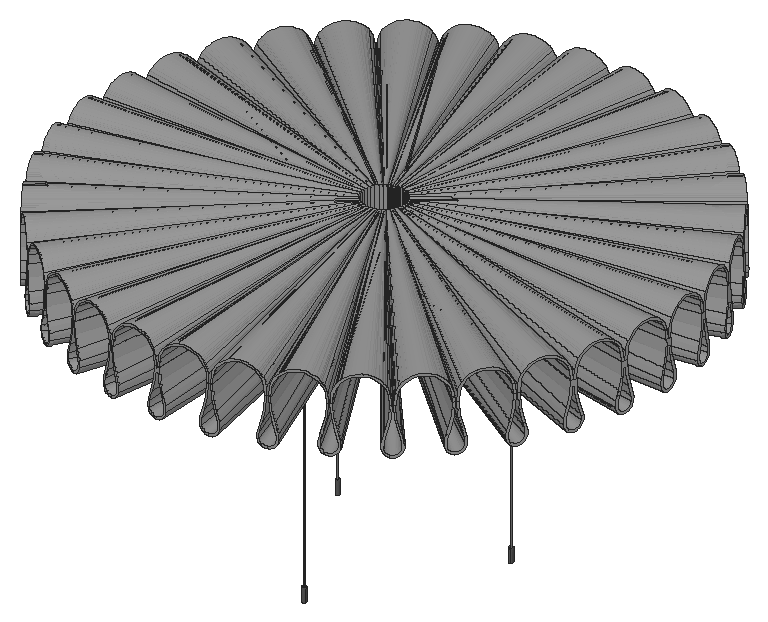
Revit family "Haworth_BuzziPleat_Ripple_EU_PRELIMINARY", category Furniture, host Face, Revit 2018
Family settings
  Host = Face
  Cut with Voids When Loaded = No
  Shared = No
  Room Calculation Point = No
Parameters (values of type "Large")
  Warranty = "https://www.haworth.com/resources/product-info/warranties"
  URL - Product = "https://www.haworth.com/eu/en/products/lighting-lamps/buzzipleat-led.html"
  URL = "https://www.haworth.com/eu/en.html"
  Trim Finish = Haworth _ Paint _ Collection Black
  Note = "Verify Final Dim. w/ Haworth"  # constant formula
  Model = "Buzzi Pleat"  # constant formula
  Min. Cable Length = 25.4 cm  # constant formula
  Medium = not(Large)  # no
  Max. Cable Length = 499.999 cm  # constant formula
  Manufacturer = "Haworth"  # constant formula
  Large = yes
  Fabric Finish [instance] = Haworth _ Fabric _ Undecided _ Screen
  Description = "Haworth - BuzziPleat - Ripple"  # constant formula
  Default Elevation = 0 cm
  Cable Length [instance] = 60.96 cm
  Cable Finish [instance] = Haworth _ Metal _ Polished Aluminum
  Author = "Haworth (Abd Rahman)"  # constant formula
  Assembly Code = "E2020200"
  Actual Width = Actual Depth  # 150.0124 cm
  Actual Height = if(Large, 19.5072 cm, 13.2334 cm)  # 19.5072 cm
  Actual Depth = if(Large, 150.0124 cm, 99.9998 cm)  # 150.0124 cm
  Actual Cable Length [instance] = if(Cable Length < Min. Cable Length, Min. Cable Length, if(Cable Length > Max. Cable Length, Max. Cable Length, Cable Length))  # 60.96 cm
Types (3, lengths in cm): name | Medium | Large | Actual Width | Actual Height | Actual Depth
  (no name) | no | yes | 150.0124 | 19.5072 | 150.0124
  Large | no | yes | 150.0124 | 19.5072 | 150.0124
  Medium | yes | no | 99.9998 | 13.2334 | 99.9998
Reference planes (cm)
  plane 1 "Center (Front/Back)": y = 0
  plane 2: z = 0
  plane 3 "Center (Left/Right)": x = 0
  plane 4 "Cable Start": z = 3.48
  plane 5: z = 64.567
  plane 6 "Screen Bottom": z = 64.44
  plane 7 "Back": y = 75.0062
  plane 8 "Front": y = -75.0062
  plane 9 "Left": x = 75.0062
  plane 10 "Right": x = -75.0062
Forms (cm)
  Extrusion 1, solid, material "Haworth _ Paint _ Collection Black" <- "Trim Finish", visible <- "Medium"
    sketch origin (0, 0, 0) x (1, 0, 0) y (0, 1, 0)
      loop
        circle (0, -18.6341) r 0.5
    from 0 to 3.48
  Extrusion 2, solid, material "Haworth _ Metal _ Polished Aluminum" <- "Cable Finish", visible <- "Medium"
    sketch origin (0, 0, 0) x (1, 0, 0) y (0, 1, 0)
      loop
        circle (0, -18.6334) r 0.0896
    from 3.48 to 64.567
  Extrusion 3, solid, material "Haworth _ Paint _ Collection Black" <- "Trim Finish", visible <- "Medium"
    sketch origin (-0.012, -0.0207, 0) x (-0.5, 0.866025, 0) y (-0.866025, -0.5, 0)
      loop
        circle (0, -18.6341) r 0.5
    from 0 to 3.48
  Extrusion 4, solid, material "Haworth _ Metal _ Polished Aluminum" <- "Cable Finish", visible <- "Medium"
    sketch origin (-0.012, -0.0207, 0) x (-0.5, 0.866025, 0) y (-0.866025, -0.5, 0)
      loop
        circle (0, -18.6334) r 0.0896
    from 3.48 to 64.567
  Extrusion 5, solid, material "Haworth _ Paint _ Collection Black" <- "Trim Finish", visible <- "Medium"
    sketch origin (0.012, -0.0207, 0) x (-0.5, -0.866025, 0) y (0.866025, -0.5, 0)
      loop
        circle (0, -18.6341) r 0.5
    from 0 to 3.48
  Extrusion 6, solid, material "Haworth _ Metal _ Polished Aluminum" <- "Cable Finish", visible <- "Medium"
    sketch origin (0.012, -0.0207, 0) x (-0.5, -0.866025, 0) y (0.866025, -0.5, 0)
      loop
        circle (0, -18.6334) r 0.0896
    from 3.48 to 64.567
  Extrusion 7, solid, material "Haworth _ Paint _ Collection Black" <- "Trim Finish", visible <- "Large"
    sketch origin (0, 0, 0) x (1, 0, 0) y (0, 1, 0)
      loop
        circle (0, -26.4309) r 0.5
    from 0 to 3.48
  Extrusion 8, solid, material "Haworth _ Metal _ Polished Aluminum" <- "Cable Finish", visible <- "Large"
    sketch origin (0, 0, 0) x (1, 0, 0) y (0, 1, 0)
      loop
        circle (0, -26.4399) r 0.1016
    from 3.48 to 64.567
  Extrusion 9, solid, material "Haworth _ Paint _ Collection Black" <- "Trim Finish", visible <- "Large"
    sketch origin (-0.012, -0.0207, 0) x (-0.5, 0.866025, 0) y (-0.866025, -0.5, 0)
      loop
        circle (0, -26.4309) r 0.5
    from 0 to 3.48
  Extrusion 10, solid, material "Haworth _ Metal _ Polished Aluminum" <- "Cable Finish", visible <- "Large"
    sketch origin (-0.012, -0.0207, 0) x (-0.5, 0.866025, 0) y (-0.866025, -0.5, 0)
      loop
        circle (0, -26.4399) r 0.1016
    from 3.48 to 64.567
  Extrusion 11, solid, material "Haworth _ Paint _ Collection Black" <- "Trim Finish", visible <- "Large"
    sketch origin (0.0239, 0, 0) x (-0.5, -0.866025, 0) y (0.866025, -0.5, 0)
      loop
        circle (0, -26.4309) r 0.5
    from 0 to 3.48
  Extrusion 12, solid, material "Haworth _ Metal _ Polished Aluminum" <- "Cable Finish", visible <- "Large"
    sketch origin (0.0239, 0, 0) x (-0.5, -0.866025, 0) y (0.866025, -0.5, 0)
      loop
        circle (0, -26.4399) r 0.1016
    from 3.48 to 64.567
Dimensions and locks (cm)
  locked: Extrusion 1 sketch curve to plane 1 "Center (Front/Back)" at 18.6341
  locked: plane 4 "Cable Start" to plane 2 at 3.48
  locked: plane 5 to plane 6 "Screen Bottom" at 0.127
  "Actual Cable Length": plane 6 "Screen Bottom" to plane 4 "Cable Start"
  locked: Extrusion 2 sketch curve to plane 1 "Center (Front/Back)" at 18.6334
  locked: Extrusion 5 sketch curve to plane 3 "Center (Left/Right)" at 16.1256
  locked: plane 1 "Center (Front/Back)" to Extrusion 5 sketch curve at 9.2963
  locked: Extrusion 6 sketch curve to plane 3 "Center (Left/Right)" at 16.1251
  locked: plane 1 "Center (Front/Back)" to Extrusion 6 sketch curve at 9.296
  locked: plane 3 "Center (Left/Right)" to Extrusion 3 sketch curve at 16.1256
  locked: plane 1 "Center (Front/Back)" to Extrusion 3 sketch curve at 9.2963
  locked: plane 3 "Center (Left/Right)" to Extrusion 4 sketch curve at 16.1251
  locked: plane 1 "Center (Front/Back)" to Extrusion 4 sketch curve at 9.296
  equal spacing: plane 10 "Right", plane 3 "Center (Left/Right)", plane 9 "Left"
  "Actual Width": plane 10 "Right" to plane 9 "Left"
  equal spacing: plane 7 "Back", plane 1 "Center (Front/Back)", plane 8 "Front"
  "Actual Depth": plane 7 "Back" to plane 8 "Front"
  locked: Extrusion 7 sketch curve to plane 1 "Center (Front/Back)" at 26.4309
  locked: Extrusion 8 sketch curve to plane 1 "Center (Front/Back)" at 26.4399
  locked: plane 3 "Center (Left/Right)" to Extrusion 9 sketch curve at 22.8779
  locked: plane 1 "Center (Front/Back)" to Extrusion 9 sketch curve at 13.1947
  locked: Extrusion 11 sketch curve to plane 3 "Center (Left/Right)" at 22.8659
  locked: plane 1 "Center (Front/Back)" to Extrusion 11 sketch curve at 13.2154
  aligned and locked: plane 2 to host face
  aligned and locked: level to host face
  aligned and locked: plane 1 "Center (Front/Back)" to nested 1
  aligned and locked: plane 3 "Center (Left/Right)" to nested 1
  aligned and locked: Extrusion 1 to plane 2
  aligned and locked: plane 4 "Cable Start" to Extrusion 1
  aligned and locked: nested 1 to plane 6 "Screen Bottom"
  aligned and locked: Extrusion 2 to plane 4 "Cable Start"
  aligned and locked: plane 5 to Extrusion 2
  aligned and locked: Extrusion 5 to plane 2
  aligned and locked: plane 4 "Cable Start" to Extrusion 5
  aligned and locked: Extrusion 6 to plane 4 "Cable Start"
  aligned and locked: Extrusion 1 to plane 4 "Cable Start"  (x2)
  aligned and locked: plane 4 "Cable Start" to Extrusion 2
  aligned and locked: plane 2 to Extrusion 1
  aligned and locked: plane 4 "Cable Start" to Extrusion 3
  aligned and locked: Extrusion 4 to plane 4 "Cable Start"
  aligned and locked: Extrusion 3 to plane 2
  aligned and locked: plane 5 to Extrusion 4
  aligned and locked: plane 5 to Extrusion 6
  aligned and locked: plane 3 "Center (Left/Right)" to Extrusion 7 sketch curve
  aligned and locked: Extrusion 7 to plane 2
  aligned and locked: plane 4 "Cable Start" to Extrusion 7
  aligned and locked: plane 3 "Center (Left/Right)" to Extrusion 8 sketch curve
  aligned and locked: Extrusion 8 to plane 4 "Cable Start"
  aligned and locked: plane 5 to Extrusion 8
  aligned and locked: plane 4 "Cable Start" to Extrusion 9
  aligned and locked: Extrusion 10 to plane 4 "Cable Start"
  aligned and locked: Extrusion 9 to plane 2
  aligned and locked: plane 5 to Extrusion 10
  aligned and locked: plane 5 to Extrusion 12
  aligned and locked: plane 4 "Cable Start" to Extrusion 11
  aligned and locked: Extrusion 12 to plane 4 "Cable Start"
  aligned and locked: Extrusion 11 to plane 2
  aligned and locked: nested 2 to plane 6 "Screen Bottom"
  aligned and locked: plane 3 "Center (Left/Right)" to nested 2
  aligned and locked: plane 1 "Center (Front/Back)" to nested 2
Automatic sketch dimensions
  host sketch curve to host sketch curve = 150.0124 cm  (x2)
  Extrusion 1 sketch curve to plane 3 "Center (Left/Right)" = 0 cm
  Extrusion 2 sketch curve to plane 3 "Center (Left/Right)" = 0 cm
  Extrusion 10 sketch curve to plane 1 "Center (Front/Back)" = 13.1992 cm
  plane 3 "Center (Left/Right)" to Extrusion 10 sketch curve = 22.8856 cm
  Extrusion 12 sketch curve to plane 1 "Center (Front/Back)" = 13.2199 cm
  Extrusion 12 sketch curve to plane 3 "Center (Left/Right)" = 22.8737 cm
  radius of Extrusion 1 sketch curve = 0.5 cm
  radius of Extrusion 2 sketch curve = 0.0896 cm
  radius of Extrusion 3 sketch curve = 0.5 cm
  radius of Extrusion 4 sketch curve = 0.0896 cm
  radius of Extrusion 5 sketch curve = 0.5 cm
  radius of Extrusion 6 sketch curve = 0.0896 cm
  radius of Extrusion 7 sketch curve = 0.5 cm
  radius of Extrusion 8 sketch curve = 0.1016 cm
  radius of Extrusion 9 sketch curve = 0.5 cm
  radius of Extrusion 10 sketch curve = 0.1016 cm
  radius of Extrusion 11 sketch curve = 0.5 cm
  radius of Extrusion 12 sketch curve = 0.1016 cm
Nested families (cm)
  nested 1: "Haworth_BuzziPleat_Ripple_Medium_PART" at (0, 0, 64.44), visible <- "Medium", type "Screen"
  nested 2: "Haworth_BuzziPleat_Ripple_Large_PART" at (0, 0, 64.44), visible <- "Large", type "Screen"
Definition of nested family "Haworth_BuzziPleat_Ripple_Medium_PART"
  Parameters (values of type "Screen")
    Warranty = "https://www.haworth.com/resources/product-info/warranties"
    URL - Product = "https://www.haworth.com/products/architectural-interiors/acoustic-solutions/buzzipleat"
    URL = "https://www.haworth.com/our-brands/haworth-collection"
    Trim Finish = none
    Revision = "1"  # constant formula
    Note = "Verify Final Dim. w/ Haworth"  # constant formula
    Model = "HCBZ-PESS"  # constant formula
    Manufacturer = "Haworth"  # constant formula
    Fabric Finish = none
    Description = "Haworth - BuzziPleat - Medium Ripple Part"  # constant formula
    Author = "Haworth (Alias)"  # constant formula
    Assembly Code = "E2020200"
    Actual Width = 99.9998 cm  # constant formula
    Actual Height = 13.2334 cm  # constant formula
    Actual Depth = 99.9998 cm  # constant formula
  Reference planes (cm)
    plane 1 "Center (Front/Back)": y = 0
    plane 2: z = 0
    plane 3 "Center (Left/Right)": x = 0
    plane 4: z = 13.2334
    plane 5 "Side Blend": through (-5.3081, -79.5428, 120) normal (-0.0872, 0.9962, 0)
    plane 6 "Back": y = 49.9999
    plane 7 "Front": y = -49.9999
    plane 8 "Right": x = 49.9999
    plane 9 "Left": x = -49.9999
  Forms (cm)
    Revolve 1, solid, material <- "Trim Finish"
      sketch origin (0, 0, 0) x (0, 1, 0) y (0, 0, 1)
        loop
          circle (-8.5, 0.3811) r 0.5
        loop
          circle (-18.4997, 0.3735) r 0.5
        axis (0, 0.3735) -> (0, 0.4735)
      angle from 0 to 360
  Lines and regions (cm)
    Masking region 1
      outline origin (0, 0, 0) x (1, 0, 0) y (0, 1, 0)
        loop
          circle (0, 0) r 49.9999
    symbolic lines, detail levels medium+fine
      curve 1: circle (0, 0, 0) r 5.2451 normal (0, 0, 1)
  Dimensions and locks (cm)
    equal spacing: plane 7 "Front", plane 1 "Center (Front/Back)", plane 6 "Back"
    "Actual Depth": plane 6 "Back" to plane 7 "Front"
    equal spacing: plane 9 "Left", plane 3 "Center (Left/Right)", plane 8 "Right"
    "Actual Width": plane 9 "Left" to plane 8 "Right"
    "Actual Height": plane 4 to plane 2
    aligned and locked: level to plane 2
    aligned and locked: Revolve 1 sketch curve to plane 1 "Center (Front/Back)"
    aligned and locked: plane 1 "Center (Front/Back)" to Masking region 1 sketch curve
    aligned and locked: plane 3 "Center (Left/Right)" to Masking region 1 sketch curve
    aligned and locked: plane 1 "Center (Front/Back)" to nested 2
    aligned and locked: plane 1 "Center (Front/Back)" to nested 1
    aligned and locked: plane 3 "Center (Left/Right)" to nested 1
    aligned and locked: plane 3 "Center (Left/Right)" to nested 2
  Automatic sketch dimensions
    plane 1 "Center (Front/Back)" to curve 1 = 0 cm
    curve 1 to plane 3 "Center (Left/Right)" = 0 cm
    level to Revolve 1 sketch curve = 0.3735 cm
    level to Revolve 1 sketch curve = 0.3811 cm
    Revolve 1 sketch curve to level = 10.16 cm
    plane 4 to Revolve 1 sketch curve = 2.7178 cm
    plane 1 "Center (Front/Back)" to Revolve 1 sketch curve = 8.5 cm
    Revolve 1 sketch curve to Revolve 1 sketch curve = 9.9997 cm
    radius of Masking region 1 sketch curve = 49.9999 cm
    radius of curve 1 = 5.2451 cm
    radius of Revolve 1 sketch curve = 0.5 cm  (x2)
  Nested families (cm)
    nested 1: "Haworth_BuzziPleat_Ripple_MediumTop_PART" at (0, 0, 0), type "Screen"
    nested 2: "Haworth_BuzziPleat_Ripple_MediumBottom_PART" at (0, 0, 0), type "Screen"
    nested 3: "Haworth_BuzziPleat_Ripple_MediumTop_PART" at (-0.0027, -0.0002, 0) x (0.9848, 0.1736, 0) z (0, 0, 1), type "Screen"
    nested 4: "Haworth_BuzziPleat_Ripple_MediumTop_PART" at (-0.0053, -0.0009, 0) x (0.9397, 0.342, 0) z (0, 0, 1), type "Screen"
    nested 5: "Haworth_BuzziPleat_Ripple_MediumTop_PART" at (-0.0078, -0.0021, 0) x (0.866, 0.5, 0) z (0, 0, 1), type "Screen"
    nested 6: "Haworth_BuzziPleat_Ripple_MediumTop_PART" at (-0.0101, -0.0037, 0) x (0.766, 0.6428, 0) z (0, 0, 1), type "Screen"
    nested 7: "Haworth_BuzziPleat_Ripple_MediumTop_PART" at (-0.012, -0.0056, 0) x (0.6428, 0.766, 0) z (0, 0, 1), type "Screen"
    nested 8: "Haworth_BuzziPleat_Ripple_MediumTop_PART" at (-0.0135, -0.0078, 0) x (0.5, 0.866, 0) z (0, 0, 1), type "Screen"
    nested 9: "Haworth_BuzziPleat_Ripple_MediumTop_PART" at (-0.0147, -0.0103, 0) x (0.342, 0.9397, 0) z (0, 0, 1), type "Screen"
    nested 10: "Haworth_BuzziPleat_Ripple_MediumTop_PART" at (-0.0154, -0.0129, 0) x (0.1736, 0.9848, 0) z (0, 0, 1), type "Screen"
    nested 11: "Haworth_BuzziPleat_Ripple_MediumTop_PART" at (-0.0156, -0.0156, 0) x (0, 1, 0) z (0, 0, 1), type "Screen"
    nested 12: "Haworth_BuzziPleat_Ripple_MediumTop_PART" at (-0.0154, -0.0184, 0) x (-0.1736, 0.9848, 0) z (0, 0, 1), type "Screen"
    nested 13: "Haworth_BuzziPleat_Ripple_MediumTop_PART" at (-0.0147, -0.021, 0) x (-0.342, 0.9397, 0) z (0, 0, 1), type "Screen"
    nested 14: "Haworth_BuzziPleat_Ripple_MediumTop_PART" at (-0.0135, -0.0235, 0) x (-0.5, 0.866, 0) z (0, 0, 1), type "Screen"
    nested 15: "Haworth_BuzziPleat_Ripple_MediumTop_PART" at (-0.012, -0.0257, 0) x (-0.6428, 0.766, 0) z (0, 0, 1), type "Screen"
    nested 16: "Haworth_BuzziPleat_Ripple_MediumTop_PART" at (-0.0101, -0.0276, 0) x (-0.766, 0.6428, 0) z (0, 0, 1), type "Screen"
    nested 17: "Haworth_BuzziPleat_Ripple_MediumTop_PART" at (-0.0078, -0.0292, 0) x (-0.866, 0.5, 0) z (0, 0, 1), type "Screen"
    nested 18: "Haworth_BuzziPleat_Ripple_MediumTop_PART" at (-0.0053, -0.0303, 0) x (-0.9397, 0.342, 0) z (0, 0, 1), type "Screen"
    nested 19: "Haworth_BuzziPleat_Ripple_MediumTop_PART" at (-0.0027, -0.031, 0) x (-0.9848, 0.1736, 0) z (0, 0, 1), type "Screen"
    nested 20: "Haworth_BuzziPleat_Ripple_MediumTop_PART" at (0, -0.0313, 0) x (-1, 0, 0) z (0, 0, 1), type "Screen"
    nested 21: "Haworth_BuzziPleat_Ripple_MediumTop_PART" at (0.0027, -0.031, 0) x (-0.9848, -0.1736, 0) z (0, 0, 1), type "Screen"
    nested 22: "Haworth_BuzziPleat_Ripple_MediumTop_PART" at (0.0053, -0.0303, 0) x (-0.9397, -0.342, 0) z (0, 0, 1), type "Screen"
    nested 23: "Haworth_BuzziPleat_Ripple_MediumTop_PART" at (0.0078, -0.0292, 0) x (-0.866, -0.5, 0) z (0, 0, 1), type "Screen"
    nested 24: "Haworth_BuzziPleat_Ripple_MediumTop_PART" at (0.0101, -0.0276, 0) x (-0.766, -0.6428, 0) z (0, 0, 1), type "Screen"
    nested 25: "Haworth_BuzziPleat_Ripple_MediumTop_PART" at (0.012, -0.0257, 0) x (-0.6428, -0.766, 0) z (0, 0, 1), type "Screen"
    nested 26: "Haworth_BuzziPleat_Ripple_MediumTop_PART" at (0.0135, -0.0235, 0) x (-0.5, -0.866, 0) z (0, 0, 1), type "Screen"
    nested 27: "Haworth_BuzziPleat_Ripple_MediumTop_PART" at (0.0147, -0.021, 0) x (-0.342, -0.9397, 0) z (0, 0, 1), type "Screen"
    nested 28: "Haworth_BuzziPleat_Ripple_MediumTop_PART" at (0.0154, -0.0184, 0) x (-0.1736, -0.9848, 0) z (0, 0, 1), type "Screen"
    nested 29: "Haworth_BuzziPleat_Ripple_MediumTop_PART" at (0.0156, -0.0156, 0) x (0, -1, 0) z (0, 0, 1), type "Screen"
    nested 30: "Haworth_BuzziPleat_Ripple_MediumTop_PART" at (0.0154, -0.0129, 0) x (0.1736, -0.9848, 0) z (0, 0, 1), type "Screen"
    nested 31: "Haworth_BuzziPleat_Ripple_MediumTop_PART" at (0.0147, -0.0103, 0) x (0.342, -0.9397, 0) z (0, 0, 1), type "Screen"
    nested 32: "Haworth_BuzziPleat_Ripple_MediumTop_PART" at (0.0135, -0.0078, 0) x (0.5, -0.866, 0) z (0, 0, 1), type "Screen"
    nested 33: "Haworth_BuzziPleat_Ripple_MediumTop_PART" at (0.012, -0.0056, 0) x (0.6428, -0.766, 0) z (0, 0, 1), type "Screen"
    nested 34: "Haworth_BuzziPleat_Ripple_MediumTop_PART" at (0.0101, -0.0037, 0) x (0.766, -0.6428, 0) z (0, 0, 1), type "Screen"
    nested 35: "Haworth_BuzziPleat_Ripple_MediumTop_PART" at (0.0078, -0.0021, 0) x (0.866, -0.5, 0) z (0, 0, 1), type "Screen"
    nested 36: "Haworth_BuzziPleat_Ripple_MediumTop_PART" at (0.0053, -0.0009, 0) x (0.9397, -0.342, 0) z (0, 0, 1), type "Screen"
    nested 37: "Haworth_BuzziPleat_Ripple_MediumTop_PART" at (0.0027, -0.0002, 0) x (0.9848, -0.1736, 0) z (0, 0, 1), type "Screen"
    nested 38: "Haworth_BuzziPleat_Ripple_MediumBottom_PART" at (0, 0, 0) x (0.9848, 0.1736, 0) z (0, 0, 1), type "Screen"
    nested 39: "Haworth_BuzziPleat_Ripple_MediumBottom_PART" at (0, 0, 0) x (0.9397, 0.342, 0) z (0, 0, 1), type "Screen"
    nested 40: "Haworth_BuzziPleat_Ripple_MediumBottom_PART" at (0, 0, 0) x (0.866, 0.5, 0) z (0, 0, 1), type "Screen"
    nested 41: "Haworth_BuzziPleat_Ripple_MediumBottom_PART" at (0, 0, 0) x (0.766, 0.6428, 0) z (0, 0, 1), type "Screen"
    nested 42: "Haworth_BuzziPleat_Ripple_MediumBottom_PART" at (0, 0, 0) x (0.6428, 0.766, 0) z (0, 0, 1), type "Screen"
    nested 43: "Haworth_BuzziPleat_Ripple_MediumBottom_PART" at (0, 0, 0) x (0.5, 0.866, 0) z (0, 0, 1), type "Screen"
    nested 44: "Haworth_BuzziPleat_Ripple_MediumBottom_PART" at (0, 0, 0) x (0.342, 0.9397, 0) z (0, 0, 1), type "Screen"
    nested 45: "Haworth_BuzziPleat_Ripple_MediumBottom_PART" at (0, 0, 0) x (0.1736, 0.9848, 0) z (0, 0, 1), type "Screen"
    nested 46: "Haworth_BuzziPleat_Ripple_MediumBottom_PART" at (0, 0, 0) x (0, 1, 0) z (0, 0, 1), type "Screen"
    nested 47: "Haworth_BuzziPleat_Ripple_MediumBottom_PART" at (0, 0, 0) x (-0.1736, 0.9848, 0) z (0, 0, 1), type "Screen"
    nested 48: "Haworth_BuzziPleat_Ripple_MediumBottom_PART" at (0, 0, 0) x (-0.342, 0.9397, 0) z (0, 0, 1), type "Screen"
    nested 49: "Haworth_BuzziPleat_Ripple_MediumBottom_PART" at (0, 0, 0) x (-0.5, 0.866, 0) z (0, 0, 1), type "Screen"
    nested 50: "Haworth_BuzziPleat_Ripple_MediumBottom_PART" at (0, 0, 0) x (-0.6428, 0.766, 0) z (0, 0, 1), type "Screen"
    nested 51: "Haworth_BuzziPleat_Ripple_MediumBottom_PART" at (0, 0, 0) x (-0.766, 0.6428, 0) z (0, 0, 1), type "Screen"
    nested 52: "Haworth_BuzziPleat_Ripple_MediumBottom_PART" at (0, 0, 0) x (-0.866, 0.5, 0) z (0, 0, 1), type "Screen"
    nested 53: "Haworth_BuzziPleat_Ripple_MediumBottom_PART" at (0, 0, 0) x (-0.9397, 0.342, 0) z (0, 0, 1), type "Screen"
    nested 54: "Haworth_BuzziPleat_Ripple_MediumBottom_PART" at (0, 0, 0) x (-0.9848, 0.1736, 0) z (0, 0, 1), type "Screen"
    nested 55: "Haworth_BuzziPleat_Ripple_MediumBottom_PART" at (0, 0, 0) x (-1, 0, 0) z (0, 0, 1), type "Screen"
    nested 56: "Haworth_BuzziPleat_Ripple_MediumBottom_PART" at (0, 0, 0) x (-0.9848, -0.1736, 0) z (0, 0, 1), type "Screen"
    nested 57: "Haworth_BuzziPleat_Ripple_MediumBottom_PART" at (0, 0, 0) x (-0.9397, -0.342, 0) z (0, 0, 1), type "Screen"
    nested 58: "Haworth_BuzziPleat_Ripple_MediumBottom_PART" at (0, 0, 0) x (-0.866, -0.5, 0) z (0, 0, 1), type "Screen"
    nested 59: "Haworth_BuzziPleat_Ripple_MediumBottom_PART" at (0, 0, 0) x (-0.766, -0.6428, 0) z (0, 0, 1), type "Screen"
    nested 60: "Haworth_BuzziPleat_Ripple_MediumBottom_PART" at (0, 0, 0) x (-0.6428, -0.766, 0) z (0, 0, 1), type "Screen"
    nested 61: "Haworth_BuzziPleat_Ripple_MediumBottom_PART" at (0, 0, 0) x (-0.5, -0.866, 0) z (0, 0, 1), type "Screen"
    nested 62: "Haworth_BuzziPleat_Ripple_MediumBottom_PART" at (0, 0, 0) x (-0.342, -0.9397, 0) z (0, 0, 1), type "Screen"
    nested 63: "Haworth_BuzziPleat_Ripple_MediumBottom_PART" at (0, 0, 0) x (-0.1736, -0.9848, 0) z (0, 0, 1), type "Screen"
    nested 64: "Haworth_BuzziPleat_Ripple_MediumBottom_PART" at (0, 0, 0) x (0, -1, 0) z (0, 0, 1), type "Screen"
    nested 65: "Haworth_BuzziPleat_Ripple_MediumBottom_PART" at (0, 0, 0) x (0.1736, -0.9848, 0) z (0, 0, 1), type "Screen"
    nested 66: "Haworth_BuzziPleat_Ripple_MediumBottom_PART" at (0, 0, 0) x (0.342, -0.9397, 0) z (0, 0, 1), type "Screen"
    nested 67: "Haworth_BuzziPleat_Ripple_MediumBottom_PART" at (0, 0, 0) x (0.5, -0.866, 0) z (0, 0, 1), type "Screen"
    nested 68: "Haworth_BuzziPleat_Ripple_MediumBottom_PART" at (0, 0, 0) x (0.6428, -0.766, 0) z (0, 0, 1), type "Screen"
    nested 69: "Haworth_BuzziPleat_Ripple_MediumBottom_PART" at (0, 0, 0) x (0.766, -0.6428, 0) z (0, 0, 1), type "Screen"
    nested 70: "Haworth_BuzziPleat_Ripple_MediumBottom_PART" at (0, 0, 0) x (0.866, -0.5, 0) z (0, 0, 1), type "Screen"
    nested 71: "Haworth_BuzziPleat_Ripple_MediumBottom_PART" at (0, 0, 0) x (0.9397, -0.342, 0) z (0, 0, 1), type "Screen"
    nested 72: "Haworth_BuzziPleat_Ripple_MediumBottom_PART" at (0, 0, 0) x (0.9848, -0.1736, 0) z (0, 0, 1), type "Screen"
  Definition of nested family "Haworth_BuzziPleat_Ripple_MediumTop_PART"
    Parameters (values of type "Screen")
      Warranty = "https://www.haworth.com/resources/product-info/warranties"
      URL - Product = "https://www.haworth.com/products/architectural-interiors/acoustic-solutions/buzzipleat"
      URL = "https://www.haworth.com/our-brands/haworth-collection"
      Revision = "1"  # constant formula
      Note = "Verify Final Dim. w/ Haworth"  # constant formula
      Model = "HCBZ-PESS"  # constant formula
      Manufacturer = "Haworth"  # constant formula
      Fabric Finish = none
      Description = "Haworth - BuzziPleat - Medium Ripple Part1"  # constant formula
      Author = "Haworth (Alias)"  # constant formula
      Assembly Code = "E2020200"
      Actual Width = 99.9998 cm  # constant formula
      Actual Height = 13.2334 cm  # constant formula
      Actual Depth = 99.9998 cm  # constant formula
    Reference planes (cm)
      plane 1 "Center (Front/Back)": y = 0
      plane 2: z = 0
      plane 3 "Center (Left/Right)": x = 0
      plane 4 "Side Blend": through (-5.3081, -79.5428, 120) normal (-0.0872, 0.9962, 0)
      plane 5 "Back": y = 49.9999
      plane 6 "Front": y = -49.9999
      plane 7 "Right": x = 49.9999
      plane 8 "Left": x = -49.9999
      plane 9: z = 13.2334
    Forms (cm)
      Blend 1, solid, material <- "Fabric Finish"
        base sketch origin (6.8659, -78.4777, 0) x (-0.996195, -0.087156, 0) y (0, 0, 1)
          loop
            arc (3.791, 9.111) -> (3.8152, 8.3759) -> (3.8038, 7.6405) r 15.24
            line (3.8038, 7.6405) -> (4.3122, 7.6405)
            arc (4.3122, 7.6405) -> (4.3231, 8.3904) -> (4.2982, 9.1399) r 15.748
            arc (4.2982, 9.1399) -> (-0.0336, 13.2318) -> (-4.3654, 9.1399) r 4.3388
            arc (-4.3654, 9.1399) -> (-4.3902, 8.3904) -> (-4.3794, 7.6405) r 15.748
            line (-4.3794, 7.6405) -> (-3.871, 7.6405)
            arc (-3.871, 7.6405) -> (-3.8823, 8.3759) -> (-3.8582, 9.111) r 15.24
            arc (-3.8582, 9.111) -> (-0.0336, 12.7238) -> (3.791, 9.111) r 3.8308
        top sketch origin (6.8659, -78.4777, 0) x (-0.996195, -0.087156, 0) y (0, 0, 1)
          loop
            line (0.4335, 7.6416) -> (0.4335, 12.6994)
            arc (0.4335, 12.6994) -> (-0.0999, 13.2328) -> (-0.6333, 12.6994) r 0.5334
            line (-0.6333, 12.6994) -> (-0.6333, 7.6416) -> (-0.1253, 7.6416) -> (-0.1253, 12.6994)
            arc (-0.1253, 12.6994) -> (-0.0999, 12.7248) -> (-0.0745, 12.6994) r 0.0254
            line (-0.0745, 12.6994) -> (-0.0745, 7.6416) -> (0.4335, 7.6416)
        from 28.9334 to 73.5632
    Dimensions and locks (cm)
      equal spacing: plane 6 "Front", plane 1 "Center (Front/Back)", plane 5 "Back"
      "Actual Depth": plane 5 "Back" to plane 6 "Front"
      equal spacing: plane 8 "Left", plane 3 "Center (Left/Right)", plane 7 "Right"
      "Actual Width": plane 8 "Left" to plane 7 "Right"
      "Actual Height": plane 9 to plane 2
      aligned and locked: level to plane 2
    Automatic sketch dimensions
      Blend 1 sketch curve to Blend 1 sketch curve = 0.5211 cm
      Blend 1 sketch curve to Blend 1 sketch curve = 0 cm  (x16)
      Blend 1 sketch curve to Blend 1 sketch curve = 7.5533 cm
      Blend 1 sketch curve to Blend 1 sketch curve = 0.5084 cm  (x2)
      Blend 1 sketch curve to Blend 1 sketch curve = 0.5072 cm  (x2)
      Blend 1 sketch curve to Blend 1 sketch curve = 0.0289 cm
      level to Blend 1 sketch curve = 8.2438 cm
      Blend 1 sketch curve to Blend 1 sketch curve = 7.0449 cm
      Blend 1 sketch curve to Blend 1 sketch curve = 3.8374 cm  (x2)
      Blend 1 sketch curve to Blend 1 sketch curve = 5.0578 cm
      Blend 1 sketch curve to Blend 1 sketch curve = 0.0254 cm
      Blend 1 sketch curve to Blend 1 sketch curve = 0.508 cm
      level to Blend 1 sketch curve = 12.6994 cm
  Definition of nested family "Haworth_BuzziPleat_Ripple_MediumBottom_PART"
    Parameters (values of type "Screen")
      Warranty = "https://www.haworth.com/resources/product-info/warranties"
      URL - Product = "https://www.haworth.com/products/architectural-interiors/acoustic-solutions/buzzipleat"
      URL = "https://www.haworth.com/our-brands/haworth-collection"
      Revision = "1"  # constant formula
      Note = "Verify Final Dim. w/ Haworth"  # constant formula
      Model = "HCBZ-PESS"  # constant formula
      Manufacturer = "Haworth"  # constant formula
      Fabric Finish = none
      Description = "Haworth - BuzziPleat - Medium Ripple Part1"  # constant formula
      Author = "Haworth (Alias)"  # constant formula
      Assembly Code = "E2020200"
      Actual Width = 99.9998 cm  # constant formula
      Actual Height = 13.2334 cm  # constant formula
      Actual Depth = 99.9998 cm  # constant formula
    Reference planes (cm)
      plane 1 "Center (Front/Back)": y = 0
      plane 2: z = 0
      plane 3 "Center (Left/Right)": x = 0
      plane 4 "Side Blend": through (-5.3081, -79.5428, 120) normal (-0.0872, 0.9962, 0)
      plane 5 "Back": y = 49.9999
      plane 6 "Front": y = -49.9999
      plane 7 "Right": x = 49.9999
      plane 8 "Left": x = -49.9999
      plane 9: z = 13.2334
    Forms (cm)
      Blend 1, solid, material <- "Fabric Finish"
        base sketch origin (0, 0, 0) x (1, 0, 0) y (0, 0, 1)
          loop
            line (0.1547, 6.1588) -> (0.9241, 2.1049)
            arc (0.9241, 2.1049) -> (0.9663, 1.7391) -> (0.9552, 1.3709) r 2.54
            arc (0.9552, 1.3709) -> (0, 0.5091) -> (-0.9552, 1.3709) r 0.9603
            arc (-0.9552, 1.3709) -> (-0.9663, 1.7391) -> (-0.9241, 2.1049) r 2.54
            line (-0.9241, 2.1049) -> (-0.1547, 6.1588)
            arc (-0.1547, 6.1588) -> (-0.0584, 6.8971) -> (-0.0481, 7.6416) r 6.4336
            line (-0.0481, 7.6416) -> (-0.5566, 7.6416)
            arc (-0.5566, 7.6416) -> (-0.5643, 6.9447) -> (-0.6538, 6.2535) r 5.9256
            line (-0.6538, 6.2535) -> (-1.4232, 2.1997)
            arc (-1.4232, 2.1997) -> (-1.4739, 1.7606) -> (-1.4606, 1.3188) r 3.048
            arc (-1.4606, 1.3188) -> (0, 0.0011) -> (1.4606, 1.3188) r 1.4683
            arc (1.4606, 1.3188) -> (1.4739, 1.7606) -> (1.4232, 2.1997) r 3.048
            line (1.4232, 2.1997) -> (0.6538, 6.2535)
            arc (0.6538, 6.2535) -> (0.5643, 6.9447) -> (0.5566, 7.6416) r 5.9256
            line (0.5566, 7.6416) -> (0.0481, 7.6416)
            arc (0.0481, 7.6416) -> (0.0584, 6.8971) -> (0.1547, 6.1588) r 6.4336
        top sketch origin (0, 0, 0) x (1, 0, 0) y (0, 0, 1)
          loop
            line (-0.0254, 0.5388) -> (-0.0254, 3.2683) -> (-0.0254, 5.9981) -> (-0.0254, 7.6416) -> (-0.5334, 7.6416) -> (-0.5334, 5.9981) -> (-0.5334, 3.2683) -> (-0.5334, 0.5385)
            arc (-0.5334, 0.5385) -> (0, 0.0051) -> (0.5334, 0.5385) r 0.5334
            line (0.5334, 0.5385) -> (0.5334, 3.2683) -> (0.5334, 5.9981) -> (0.5334, 7.6416) -> (0.0254, 7.6416) -> (0.0254, 5.9981) -> (0.0254, 3.2683) -> (0.0254, 0.5388)
            arc (0.0254, 0.5388) -> (0, 0.5134) -> (-0.0254, 0.5388) r 0.0254
        from 49.9999 to 5.2418
    Dimensions and locks (cm)
      equal spacing: plane 6 "Front", plane 1 "Center (Front/Back)", plane 5 "Back"
      "Actual Depth": plane 5 "Back" to plane 6 "Front"
      equal spacing: plane 8 "Left", plane 3 "Center (Left/Right)", plane 7 "Right"
      "Actual Width": plane 8 "Left" to plane 7 "Right"
      "Actual Height": plane 9 to plane 2
      aligned and locked: level to plane 2
    Automatic sketch dimensions
      Blend 1 sketch curve to Blend 1 sketch curve = 0 cm  (x20)
      Blend 1 sketch curve to plane 3 "Center (Left/Right)" = 0 cm  (x3)
      Blend 1 sketch curve to plane 3 "Center (Left/Right)" = 0.1547 cm
      Blend 1 sketch curve to Blend 1 sketch curve = 0.4991 cm  (x4)
      Blend 1 sketch curve to plane 3 "Center (Left/Right)" = 0.9241 cm
      Blend 1 sketch curve to Blend 1 sketch curve = 0.1482 cm  (x2)
      Blend 1 sketch curve to Blend 1 sketch curve = 5.8217 cm  (x2)
      plane 3 "Center (Left/Right)" to Blend 1 sketch curve = 0.0481 cm
      plane 3 "Center (Left/Right)" to Blend 1 sketch curve = 0.1547 cm
      Blend 1 sketch curve to Blend 1 sketch curve = 0.5085 cm
      plane 3 "Center (Left/Right)" to Blend 1 sketch curve = 0.9241 cm
      level to Blend 1 sketch curve = 1.4694 cm
      Blend 1 sketch curve to Blend 1 sketch curve = 0.162 cm  (x2)
      Blend 1 sketch curve to Blend 1 sketch curve = 0.4736 cm  (x2)
      Blend 1 sketch curve to Blend 1 sketch curve = 0.0947 cm  (x4)
      Blend 1 sketch curve to Blend 1 sketch curve = 4.0539 cm
      Blend 1 sketch curve to Blend 1 sketch curve = 1.1049 cm
      Blend 1 sketch curve to plane 3 "Center (Left/Right)" = 0.0481 cm
      Blend 1 sketch curve to plane 3 "Center (Left/Right)" = 0.0254 cm
      level to Blend 1 sketch curve = 0.5385 cm
      Blend 1 sketch curve to Blend 1 sketch curve = 0.0003 cm
      Blend 1 sketch curve to Blend 1 sketch curve = 2.7298 cm  (x2)
      Blend 1 sketch curve to Blend 1 sketch curve = 0.508 cm
      Blend 1 sketch curve to Blend 1 sketch curve = 1.6435 cm
Definition of nested family "Haworth_BuzziPleat_Ripple_Large_PART"
  Parameters (values of type "Screen")
    Warranty = "https://www.haworth.com/resources/product-info/warranties"
    URL - Product = "https://www.haworth.com/products/architectural-interiors/acoustic-solutions/buzzipleat"
    URL = "https://www.haworth.com/our-brands/haworth-collection"
    Trim Finish = none
    Revision = "1"  # constant formula
    Note = "Verify Final Dim. w/ Haworth"  # constant formula
    Model = "HCBZ-PESS"  # constant formula
    Manufacturer = "Haworth"  # constant formula
    Fabric Finish = none
    Description = "Haworth - BuzziPleat - Large Ripple Part"  # constant formula
    Author = "Haworth (Alias)"  # constant formula
    Assembly Code = "E2020200"
    Actual Width = 150.0124 cm  # constant formula
    Actual Height = 19.5072 cm  # constant formula
    Actual Depth = 150.0124 cm  # constant formula
  Reference planes (cm)
    plane 1 "Center (Front/Back)": y = 0
    plane 2: z = 0
    plane 3 "Center (Left/Right)": x = 0
    plane 4 "Front": y = -75.0062
    plane 5 "Back": y = 75.0062
    plane 6 "Left": x = 75.0062
    plane 7 "Right": x = -75.0062
    plane 8: z = 19.5072
  Forms (cm)
    Revolve 1, solid, material <- "Trim Finish"
      sketch origin (0, 0, 0) x (0, 1, 0) y (0, 0, 1)
        loop
          circle (-26.0974, 0.5) r 0.5
        loop
          circle (-8.3709, 0.5) r 0.5
        axis (0, 0.5) -> (0, 0.6)
      angle from 0 to 360
    Extrusion 2, solid, material <- "Trim Finish"
      sketch origin (0, 0, 0) x (1, 0, 0) y (0, 0, 1)
        loop
          circle (0, 0.5) r 0.4699
      from 8.4708 to 26.1259
    Extrusion 3, solid, material <- "Trim Finish"
      sketch origin (0, 0, 0) x (-0.5, 0.866025, 0) y (0, 0, 1)
        loop
          circle (0, 0.5) r 0.4699
      from 8.4708 to 26.1259
    Extrusion 4, solid, material <- "Trim Finish"
      sketch origin (0, 0, 0) x (-0.5, -0.866025, 0) y (0, 0, 1)
        loop
          circle (0, 0.5) r 0.4699
      from 8.4708 to 26.1259
  Lines and regions (cm)
    Masking region 1
      outline origin (0, 0, 0) x (1, 0, 0) y (0, 1, 0)
        loop
          circle (0, 0) r 74.93
    symbolic lines, detail levels medium+fine
      curve 1: circle (0, 0, 0) r 5.2451 normal (0, 0, 1)
  Dimensions and locks (cm)
    equal spacing: plane 5 "Back", plane 1 "Center (Front/Back)", plane 4 "Front"
    "Actual Depth": plane 5 "Back" to plane 4 "Front"
    equal spacing: plane 7 "Right", plane 3 "Center (Left/Right)", plane 6 "Left"
    "Actual Width": plane 7 "Right" to plane 6 "Left"
    "Actual Height": plane 8 to plane 2
    aligned and locked: level to plane 2
    aligned and locked: Revolve 1 sketch curve to plane 1 "Center (Front/Back)"
    aligned and locked: plane 1 "Center (Front/Back)" to Masking region 1 sketch curve
    aligned and locked: plane 3 "Center (Left/Right)" to Masking region 1 sketch curve
    aligned and locked: plane 3 "Center (Left/Right)" to nested 1
    aligned and locked: plane 1 "Center (Front/Back)" to nested 1
    aligned and locked: plane 1 "Center (Front/Back)" to nested 2
    aligned and locked: plane 3 "Center (Left/Right)" to nested 2
  Automatic sketch dimensions
    level to Revolve 1 sketch curve = 0.5 cm  (x2)
    plane 1 "Center (Front/Back)" to Revolve 1 sketch curve = 8.3709 cm
    Revolve 1 sketch curve to Revolve 1 sketch curve = 17.7265 cm
    Revolve 1 sketch curve to level = 10.16 cm
    plane 8 to Revolve 1 sketch curve = 2.7178 cm
    plane 1 "Center (Front/Back)" to curve 1 = 0 cm
    curve 1 to plane 3 "Center (Left/Right)" = 0 cm
    radius of Revolve 1 sketch curve = 0.5 cm  (x2)
    radius of Extrusion 2 sketch curve = 0.4699 cm
    radius of Extrusion 3 sketch curve = 0.4699 cm
    radius of Extrusion 4 sketch curve = 0.4699 cm
    radius of Masking region 1 sketch curve = 74.93 cm
    radius of curve 1 = 5.2451 cm
  Nested families (cm)
    nested 1: "Haworth_BuzziPleat_Ripple_LargeTop_PART" at (0, 0, 0), type "Screen"
    nested 2: "Haworth_BuzziPleat_Ripple_LargeBottom_PART" at (0, 0, 0), type "Screen"
    nested 3: "Haworth_BuzziPleat_Ripple_LargeBottom_PART" at (0, 0, 0) x (0.9848, 0.1736, 0) z (0, 0, 1), type "Screen"
    nested 4: "Haworth_BuzziPleat_Ripple_LargeBottom_PART" at (0, 0, 0) x (0.9397, 0.342, 0) z (0, 0, 1), type "Screen"
    nested 5: "Haworth_BuzziPleat_Ripple_LargeBottom_PART" at (0, 0, 0) x (0.866, 0.5, 0) z (0, 0, 1), type "Screen"
    nested 6: "Haworth_BuzziPleat_Ripple_LargeBottom_PART" at (0, 0, 0) x (0.766, 0.6428, 0) z (0, 0, 1), type "Screen"
    nested 7: "Haworth_BuzziPleat_Ripple_LargeBottom_PART" at (0, 0, 0) x (0.6428, 0.766, 0) z (0, 0, 1), type "Screen"
    nested 8: "Haworth_BuzziPleat_Ripple_LargeBottom_PART" at (0, 0, 0) x (0.5, 0.866, 0) z (0, 0, 1), type "Screen"
    nested 9: "Haworth_BuzziPleat_Ripple_LargeBottom_PART" at (0, 0, 0) x (0.342, 0.9397, 0) z (0, 0, 1), type "Screen"
    nested 10: "Haworth_BuzziPleat_Ripple_LargeBottom_PART" at (0, 0, 0) x (0.1736, 0.9848, 0) z (0, 0, 1), type "Screen"
    nested 11: "Haworth_BuzziPleat_Ripple_LargeBottom_PART" at (0, 0, 0) x (0, 1, 0) z (0, 0, 1), type "Screen"
    nested 12: "Haworth_BuzziPleat_Ripple_LargeBottom_PART" at (0, 0, 0) x (-0.1736, 0.9848, 0) z (0, 0, 1), type "Screen"
    nested 13: "Haworth_BuzziPleat_Ripple_LargeBottom_PART" at (0, 0, 0) x (-0.342, 0.9397, 0) z (0, 0, 1), type "Screen"
    nested 14: "Haworth_BuzziPleat_Ripple_LargeBottom_PART" at (0, 0, 0) x (-0.5, 0.866, 0) z (0, 0, 1), type "Screen"
    nested 15: "Haworth_BuzziPleat_Ripple_LargeBottom_PART" at (0, 0, 0) x (-0.6428, 0.766, 0) z (0, 0, 1), type "Screen"
    nested 16: "Haworth_BuzziPleat_Ripple_LargeBottom_PART" at (0, 0, 0) x (-0.766, 0.6428, 0) z (0, 0, 1), type "Screen"
    nested 17: "Haworth_BuzziPleat_Ripple_LargeBottom_PART" at (0, 0, 0) x (-0.866, 0.5, 0) z (0, 0, 1), type "Screen"
    nested 18: "Haworth_BuzziPleat_Ripple_LargeBottom_PART" at (0, 0, 0) x (-0.9397, 0.342, 0) z (0, 0, 1), type "Screen"
    nested 19: "Haworth_BuzziPleat_Ripple_LargeBottom_PART" at (0, 0, 0) x (-0.9848, 0.1736, 0) z (0, 0, 1), type "Screen"
    nested 20: "Haworth_BuzziPleat_Ripple_LargeBottom_PART" at (0, 0, 0) x (-1, 0, 0) z (0, 0, 1), type "Screen"
    nested 21: "Haworth_BuzziPleat_Ripple_LargeBottom_PART" at (0, 0, 0) x (-0.9848, -0.1736, 0) z (0, 0, 1), type "Screen"
    nested 22: "Haworth_BuzziPleat_Ripple_LargeBottom_PART" at (0, 0, 0) x (-0.9397, -0.342, 0) z (0, 0, 1), type "Screen"
    nested 23: "Haworth_BuzziPleat_Ripple_LargeBottom_PART" at (0, 0, 0) x (-0.866, -0.5, 0) z (0, 0, 1), type "Screen"
    nested 24: "Haworth_BuzziPleat_Ripple_LargeBottom_PART" at (0, 0, 0) x (-0.766, -0.6428, 0) z (0, 0, 1), type "Screen"
    nested 25: "Haworth_BuzziPleat_Ripple_LargeBottom_PART" at (0, 0, 0) x (-0.6428, -0.766, 0) z (0, 0, 1), type "Screen"
    nested 26: "Haworth_BuzziPleat_Ripple_LargeBottom_PART" at (0, 0, 0) x (-0.5, -0.866, 0) z (0, 0, 1), type "Screen"
    nested 27: "Haworth_BuzziPleat_Ripple_LargeBottom_PART" at (0, 0, 0) x (-0.342, -0.9397, 0) z (0, 0, 1), type "Screen"
    nested 28: "Haworth_BuzziPleat_Ripple_LargeBottom_PART" at (0, 0, 0) x (-0.1736, -0.9848, 0) z (0, 0, 1), type "Screen"
    nested 29: "Haworth_BuzziPleat_Ripple_LargeBottom_PART" at (0, 0, 0) x (0, -1, 0) z (0, 0, 1), type "Screen"
    nested 30: "Haworth_BuzziPleat_Ripple_LargeBottom_PART" at (0, 0, 0) x (0.1736, -0.9848, 0) z (0, 0, 1), type "Screen"
    nested 31: "Haworth_BuzziPleat_Ripple_LargeBottom_PART" at (0, 0, 0) x (0.342, -0.9397, 0) z (0, 0, 1), type "Screen"
    nested 32: "Haworth_BuzziPleat_Ripple_LargeBottom_PART" at (0, 0, 0) x (0.5, -0.866, 0) z (0, 0, 1), type "Screen"
    nested 33: "Haworth_BuzziPleat_Ripple_LargeBottom_PART" at (0, 0, 0) x (0.6428, -0.766, 0) z (0, 0, 1), type "Screen"
    nested 34: "Haworth_BuzziPleat_Ripple_LargeBottom_PART" at (0, 0, 0) x (0.766, -0.6428, 0) z (0, 0, 1), type "Screen"
    nested 35: "Haworth_BuzziPleat_Ripple_LargeBottom_PART" at (0, 0, 0) x (0.866, -0.5, 0) z (0, 0, 1), type "Screen"
    nested 36: "Haworth_BuzziPleat_Ripple_LargeBottom_PART" at (0, 0, 0) x (0.9397, -0.342, 0) z (0, 0, 1), type "Screen"
    nested 37: "Haworth_BuzziPleat_Ripple_LargeBottom_PART" at (0, 0, 0) x (0.9848, -0.1736, 0) z (0, 0, 1), type "Screen"
    nested 38: "Haworth_BuzziPleat_Ripple_LargeTop_PART" at (0, 0, 0) x (0.9848, 0.1736, 0) z (0, 0, 1), type "Screen"
    nested 39: "Haworth_BuzziPleat_Ripple_LargeTop_PART" at (0, 0, 0) x (0.9397, 0.342, 0) z (0, 0, 1), type "Screen"
    nested 40: "Haworth_BuzziPleat_Ripple_LargeTop_PART" at (0, 0, 0) x (0.866, 0.5, 0) z (0, 0, 1), type "Screen"
    nested 41: "Haworth_BuzziPleat_Ripple_LargeTop_PART" at (0, 0, 0) x (0.766, 0.6428, 0) z (0, 0, 1), type "Screen"
    nested 42: "Haworth_BuzziPleat_Ripple_LargeTop_PART" at (0, 0, 0) x (0.6428, 0.766, 0) z (0, 0, 1), type "Screen"
    nested 43: "Haworth_BuzziPleat_Ripple_LargeTop_PART" at (0, 0, 0) x (0.5, 0.866, 0) z (0, 0, 1), type "Screen"
    nested 44: "Haworth_BuzziPleat_Ripple_LargeTop_PART" at (0, 0, 0) x (0.342, 0.9397, 0) z (0, 0, 1), type "Screen"
    nested 45: "Haworth_BuzziPleat_Ripple_LargeTop_PART" at (0, 0, 0) x (0.1736, 0.9848, 0) z (0, 0, 1), type "Screen"
    nested 46: "Haworth_BuzziPleat_Ripple_LargeTop_PART" at (0, 0, 0) x (0, 1, 0) z (0, 0, 1), type "Screen"
    nested 47: "Haworth_BuzziPleat_Ripple_LargeTop_PART" at (0, 0, 0) x (-0.1736, 0.9848, 0) z (0, 0, 1), type "Screen"
    nested 48: "Haworth_BuzziPleat_Ripple_LargeTop_PART" at (0, 0, 0) x (-0.342, 0.9397, 0) z (0, 0, 1), type "Screen"
    nested 49: "Haworth_BuzziPleat_Ripple_LargeTop_PART" at (0, 0, 0) x (-0.5, 0.866, 0) z (0, 0, 1), type "Screen"
    nested 50: "Haworth_BuzziPleat_Ripple_LargeTop_PART" at (0, 0, 0) x (-0.6428, 0.766, 0) z (0, 0, 1), type "Screen"
    nested 51: "Haworth_BuzziPleat_Ripple_LargeTop_PART" at (0, 0, 0) x (-0.766, 0.6428, 0) z (0, 0, 1), type "Screen"
    nested 52: "Haworth_BuzziPleat_Ripple_LargeTop_PART" at (0, 0, 0) x (-0.866, 0.5, 0) z (0, 0, 1), type "Screen"
    nested 53: "Haworth_BuzziPleat_Ripple_LargeTop_PART" at (0, 0, 0) x (-0.9397, 0.342, 0) z (0, 0, 1), type "Screen"
    nested 54: "Haworth_BuzziPleat_Ripple_LargeTop_PART" at (0, 0, 0) x (-0.9848, 0.1736, 0) z (0, 0, 1), type "Screen"
    nested 55: "Haworth_BuzziPleat_Ripple_LargeTop_PART" at (0, 0, 0) x (-1, 0, 0) z (0, 0, 1), type "Screen"
    nested 56: "Haworth_BuzziPleat_Ripple_LargeTop_PART" at (0, 0, 0) x (-0.9848, -0.1736, 0) z (0, 0, 1), type "Screen"
    nested 57: "Haworth_BuzziPleat_Ripple_LargeTop_PART" at (0, 0, 0) x (-0.9397, -0.342, 0) z (0, 0, 1), type "Screen"
    nested 58: "Haworth_BuzziPleat_Ripple_LargeTop_PART" at (0, 0, 0) x (-0.866, -0.5, 0) z (0, 0, 1), type "Screen"
    nested 59: "Haworth_BuzziPleat_Ripple_LargeTop_PART" at (0, 0, 0) x (-0.766, -0.6428, 0) z (0, 0, 1), type "Screen"
    nested 60: "Haworth_BuzziPleat_Ripple_LargeTop_PART" at (0, 0, 0) x (-0.6428, -0.766, 0) z (0, 0, 1), type "Screen"
    nested 61: "Haworth_BuzziPleat_Ripple_LargeTop_PART" at (0, 0, 0) x (-0.5, -0.866, 0) z (0, 0, 1), type "Screen"
    nested 62: "Haworth_BuzziPleat_Ripple_LargeTop_PART" at (0, 0, 0) x (-0.342, -0.9397, 0) z (0, 0, 1), type "Screen"
    nested 63: "Haworth_BuzziPleat_Ripple_LargeTop_PART" at (0, 0, 0) x (-0.1736, -0.9848, 0) z (0, 0, 1), type "Screen"
    nested 64: "Haworth_BuzziPleat_Ripple_LargeTop_PART" at (0, 0, 0) x (0, -1, 0) z (0, 0, 1), type "Screen"
    nested 65: "Haworth_BuzziPleat_Ripple_LargeTop_PART" at (0, 0, 0) x (0.1736, -0.9848, 0) z (0, 0, 1), type "Screen"
    nested 66: "Haworth_BuzziPleat_Ripple_LargeTop_PART" at (0, 0, 0) x (0.342, -0.9397, 0) z (0, 0, 1), type "Screen"
    nested 67: "Haworth_BuzziPleat_Ripple_LargeTop_PART" at (0, 0, 0) x (0.5, -0.866, 0) z (0, 0, 1), type "Screen"
    nested 68: "Haworth_BuzziPleat_Ripple_LargeTop_PART" at (0, 0, 0) x (0.6428, -0.766, 0) z (0, 0, 1), type "Screen"
    nested 69: "Haworth_BuzziPleat_Ripple_LargeTop_PART" at (0, 0, 0) x (0.766, -0.6428, 0) z (0, 0, 1), type "Screen"
    nested 70: "Haworth_BuzziPleat_Ripple_LargeTop_PART" at (0, 0, 0) x (0.866, -0.5, 0) z (0, 0, 1), type "Screen"
    nested 71: "Haworth_BuzziPleat_Ripple_LargeTop_PART" at (0, 0, 0) x (0.9397, -0.342, 0) z (0, 0, 1), type "Screen"
    nested 72: "Haworth_BuzziPleat_Ripple_LargeTop_PART" at (0, 0, 0) x (0.9848, -0.1736, 0) z (0, 0, 1), type "Screen"
  Definition of nested family "Haworth_BuzziPleat_Ripple_LargeTop_PART"
    Parameters (values of type "Screen")
      Warranty = "https://www.haworth.com/resources/product-info/warranties"
      URL - Product = "https://www.haworth.com/products/architectural-interiors/acoustic-solutions/buzzipleat"
      URL = "https://www.haworth.com/our-brands/haworth-collection"
      Revision = "1"  # constant formula
      Note = "Verify Final Dim. w/ Haworth"  # constant formula
      Model = "HCBZ-PESS"  # constant formula
      Manufacturer = "Haworth"  # constant formula
      Fabric Finish = none
      Description = "Haworth - BuzziPleat - Large Ripple Part1"  # constant formula
      Author = "Haworth (Alias)"  # constant formula
      Assembly Code = "E2020200"
      Actual Width = 150.0124 cm  # constant formula
      Actual Height = 19.5072 cm  # constant formula
      Actual Depth = 150.0124 cm  # constant formula
    Reference planes (cm)
      plane 1 "Center (Front/Back)": y = 0
      plane 2: z = 0
      plane 3 "Center (Left/Right)": x = 0
      plane 4 "Front": y = -75.0062
      plane 5 "Back": y = 75.0062
      plane 6 "Left": x = 75.0062
      plane 7 "Right": x = -75.0062
      plane 8: z = 19.5072
      plane 9 "Side Blend": through (-5.3081, -79.5428, 120) normal (-0.0872, 0.9962, 0)
    Forms (cm)
      Blend 1, solid, material <- "Fabric Finish"
        base sketch origin (6.8659, -78.4777, 0) x (-0.996195, -0.087156, 0) y (0, 0, 1)
          loop
            arc (6.3759, 12.479) -> (6.3131, 13.5984) -> (6.1795, 14.7115) r 17.6803
            arc (6.1795, 14.7115) -> (5.872, 15.8384) -> (5.3152, 16.8653) r 5.08
            arc (5.3152, 16.8653) -> (-0.1723, 19.6164) -> (-5.4893, 16.5485) r 6.4729
            arc (-5.4893, 16.5485) -> (-5.9404, 15.6182) -> (-6.1938, 14.6159) r 5.08
            arc (-6.1938, 14.6159) -> (-6.3172, 13.5502) -> (-6.3759, 12.479) r 17.6803
            line (-6.3759, 12.479) -> (-5.8677, 12.479)
            arc (-5.8677, 12.479) -> (-5.8105, 13.5132) -> (-5.6911, 14.5421) r 17.1723
            arc (-5.6911, 14.5421) -> (-5.4631, 15.4442) -> (-5.0571, 16.2815) r 4.572
            arc (-5.0571, 16.2815) -> (-0.1574, 19.1086) -> (4.8994, 16.5734) r 5.9649
            arc (4.8994, 16.5734) -> (5.4005, 15.6492) -> (5.6773, 14.635) r 4.572
            arc (5.6773, 14.635) -> (5.8065, 13.56) -> (5.8677, 12.479) r 17.1723
            line (5.8677, 12.479) -> (6.3759, 12.479)
        top sketch origin (6.8659, -78.4777, 0) x (-0.996195, -0.087156, 0) y (0, 0, 1)
          loop
            line (-0.1469, 19.0803) -> (-0.1469, 18.4453) -> (-0.1469, 12.4785) -> (0.3611, 12.4796) -> (0.3611, 18.4453) -> (0.3611, 19.0803)
            arc (0.3611, 19.0803) -> (-0.1723, 19.6137) -> (-0.7057, 19.0803) r 0.5334
            line (-0.7057, 19.0803) -> (-0.7057, 18.4453) -> (-0.7057, 12.4774) -> (-0.1977, 12.4784) -> (-0.1977, 18.4453) -> (-0.1977, 19.0803)
            arc (-0.1977, 19.0803) -> (-0.1723, 19.1057) -> (-0.1469, 19.0803) r 0.0254
        from 4.1007 to 73.5632
      Extrusion 2, void
        sketch origin (0, 0, 0) x (1, 0, 0) y (0, 1, 0)
          loop
            circle (0, 0) r 5.2959
        from 0 to 30.48
    Cuts and joins
      Extrusion 2 cuts Blend 1
    Dimensions and locks (cm)
      equal spacing: plane 5 "Back", plane 1 "Center (Front/Back)", plane 4 "Front"
      "Actual Depth": plane 5 "Back" to plane 4 "Front"
      equal spacing: plane 7 "Right", plane 3 "Center (Left/Right)", plane 6 "Left"
      "Actual Width": plane 7 "Right" to plane 6 "Left"
      "Actual Height": plane 8 to plane 2
      aligned and locked: level to plane 2
      aligned and locked: plane 1 "Center (Front/Back)" to Extrusion 2 sketch curve
      aligned and locked: plane 3 "Center (Left/Right)" to Extrusion 2 sketch curve
    Automatic sketch dimensions
      Blend 1 sketch curve to Blend 1 sketch curve = 0 cm  (x34)
      Blend 1 sketch curve to Blend 1 sketch curve = 0.5082 cm  (x2)
      Blend 1 sketch curve to Blend 1 sketch curve = 4.7001 cm
      Blend 1 sketch curve to Blend 1 sketch curve = 1.185 cm
      Blend 1 sketch curve to Blend 1 sketch curve = 1.14 cm
      Blend 1 sketch curve to Blend 1 sketch curve = 4.7103 cm
      Blend 1 sketch curve to Blend 1 sketch curve = 0.4299 cm  (x2)
      Blend 1 sketch curve to Blend 1 sketch curve = 0.6673 cm
      Blend 1 sketch curve to Blend 1 sketch curve = 0.7321 cm
      Blend 1 sketch curve to Blend 1 sketch curve = 0.8003 cm
      Blend 1 sketch curve to Blend 1 sketch curve = 0.4158 cm
      Blend 1 sketch curve to Blend 1 sketch curve = 0.5022 cm
      Blend 1 sketch curve to Blend 1 sketch curve = 0.508 cm
      Blend 1 sketch curve to Blend 1 sketch curve = 0.0254 cm
      Blend 1 sketch curve to Blend 1 sketch curve = 0.0011 cm  (x2)
      Blend 1 sketch curve to Blend 1 sketch curve = 0.0001 cm
      Blend 1 sketch curve to Blend 1 sketch curve = 0.635 cm
      Blend 1 sketch curve to Blend 1 sketch curve = 5.9668 cm
      radius of Extrusion 2 sketch curve = 5.2959 cm
  Definition of nested family "Haworth_BuzziPleat_Ripple_LargeBottom_PART"
    Parameters (values of type "Screen")
      Warranty = "https://www.haworth.com/resources/product-info/warranties"
      URL - Product = "https://www.haworth.com/products/architectural-interiors/acoustic-solutions/buzzipleat"
      URL = "https://www.haworth.com/our-brands/haworth-collection"
      Revision = "1"  # constant formula
      Note = "Verify Final Dim. w/ Haworth"  # constant formula
      Model = "HCBZ-PESS"  # constant formula
      Manufacturer = "Haworth"  # constant formula
      Fabric Finish = none
      Description = "Haworth - BuzziPleat - Large Ripple Part2"  # constant formula
      Author = "Haworth (Alias)"  # constant formula
      Assembly Code = "E2020200"
      Actual Width = 150.0124 cm  # constant formula
      Actual Height = 19.5072 cm  # constant formula
      Actual Depth = 150.0124 cm  # constant formula
    Reference planes (cm)
      plane 1 "Center (Front/Back)": y = 0
      plane 2: z = 0
      plane 3 "Center (Left/Right)": x = 0
      plane 4 "Front": y = -75.0062
      plane 5 "Back": y = 75.0062
      plane 6 "Left": x = 75.0062
      plane 7 "Right": x = -75.0062
      plane 8: z = 19.5072
      plane 9 "Side Blend": through (-5.3081, -79.5428, 120) normal (-0.0872, 0.9962, 0)
    Forms (cm)
      Blend 1, solid, material <- "Fabric Finish"
        base sketch origin (0, 0, 0) x (1, 0, 0) y (0, 0, 1)
          loop
            arc (-1.878, 2.3126) -> (-1.8985, 3.0935) -> (-1.799, 3.8683) r 5.08
            arc (-1.799, 3.8683) -> (-1.5132, 5.048) -> (-1.1501, 6.2064) r 18.3769
            arc (-1.1501, 6.2064) -> (-0.3731, 9.2919) -> (-0.1617, 12.4667) r 17.6803
            line (-0.1617, 12.4667) -> (-0.6698, 12.4667)
            arc (-0.6698, 12.4667) -> (-0.8739, 9.377) -> (-1.6295, 6.3742) r 17.1723
            arc (-1.6295, 6.3742) -> (-2.0027, 5.1839) -> (-2.2964, 3.9715) r 18.8849
            arc (-2.2964, 3.9715) -> (-2.4058, 3.1192) -> (-2.3833, 2.2602) r 5.588
            arc (-2.3833, 2.2602) -> (0, 0.111) -> (2.3833, 2.2602) r 2.396
            arc (2.3833, 2.2602) -> (2.4058, 3.1192) -> (2.2964, 3.9715) r 5.588
            arc (2.2964, 3.9715) -> (2.0027, 5.1839) -> (1.6295, 6.3742) r 18.8849
            arc (1.6295, 6.3742) -> (0.873, 9.3831) -> (0.6701, 12.479) r 17.1723
            line (0.6701, 12.479) -> (0.162, 12.479)
            arc (0.162, 12.479) -> (0.3721, 9.298) -> (1.1501, 6.2064) r 17.6803
            arc (1.1501, 6.2064) -> (1.5132, 5.048) -> (1.799, 3.8683) r 18.3769
            arc (1.799, 3.8683) -> (1.8985, 3.0935) -> (1.878, 2.3126) r 5.08
            arc (1.878, 2.3126) -> (0, 0.619) -> (-1.878, 2.3126) r 1.888
        top sketch origin (0, 0, 0) x (1, 0, 0) y (0, 0, 1)
          loop
            line (0.0254, 12.479) -> (0.0254, 9.304) -> (0.0254, 5.1116) -> (0.0254, 0.6473)
            arc (0.0254, 0.6473) -> (0, 0.6219) -> (-0.0254, 0.6473) r 0.0254
            line (-0.0254, 0.6473) -> (-0.0254, 5.1116) -> (-0.0254, 9.304) -> (-0.0254, 12.479) -> (-0.5334, 12.479) -> (-0.5334, 9.304) -> (-0.5334, 5.0923) -> (-0.5334, 0.6473)
            arc (-0.5334, 0.6473) -> (0, 0.1139) -> (0.5334, 0.6473) r 0.5334
            line (0.5334, 0.6473) -> (0.5334, 5.0923) -> (0.5334, 9.304) -> (0.5334, 12.479) -> (0.0254, 12.479)
        from 75.0062 to 4.9101
      Extrusion 2, void
        sketch origin (0, 0, 0) x (1, 0, 0) y (0, 1, 0)
          loop
            circle (0, 0) r 5.2959
        from 0 to 30.48
    Cuts and joins
      Extrusion 2 cuts Blend 1
    Dimensions and locks (cm)
      equal spacing: plane 5 "Back", plane 1 "Center (Front/Back)", plane 4 "Front"
      "Actual Depth": plane 5 "Back" to plane 4 "Front"
      equal spacing: plane 7 "Right", plane 3 "Center (Left/Right)", plane 6 "Left"
      "Actual Width": plane 7 "Right" to plane 6 "Left"
      "Actual Height": plane 8 to plane 2
      aligned and locked: level to plane 2
      aligned and locked: plane 1 "Center (Front/Back)" to Extrusion 2 sketch curve
      aligned and locked: plane 3 "Center (Left/Right)" to Extrusion 2 sketch curve
    Automatic sketch dimensions
      Blend 1 sketch curve to Blend 1 sketch curve = 0 cm  (x48)
      Blend 1 sketch curve to Blend 1 sketch curve = 1.6427 cm  (x2)
      Blend 1 sketch curve to Blend 1 sketch curve = 0.7917 cm
      Blend 1 sketch curve to Blend 1 sketch curve = 0.5053 cm
      Blend 1 sketch curve to Blend 1 sketch curve = 0.4795 cm  (x2)
      Blend 1 sketch curve to Blend 1 sketch curve = 0.4974 cm
      Blend 1 sketch curve to Blend 1 sketch curve = 0.1679 cm
      Blend 1 sketch curve to Blend 1 sketch curve = 0.508 cm
      Blend 1 sketch curve to Blend 1 sketch curve = 4.445 cm
      Blend 1 sketch curve to Blend 1 sketch curve = 3.175 cm  (x2)
      Blend 1 sketch curve to Blend 1 sketch curve = 0.0192 cm
      Blend 1 sketch curve to Blend 1 sketch curve = 13.0194 cm  (x2)
      Blend 1 sketch curve to Blend 1 sketch curve = 2.5051 cm
      Blend 1 sketch curve to Blend 1 sketch curve = 0.5081 cm
      Blend 1 sketch curve to Blend 1 sketch curve = 1.878 cm
      Blend 1 sketch curve to Blend 1 sketch curve = 0.3237 cm
      Blend 1 sketch curve to Blend 1 sketch curve = 0.5082 cm
      Blend 1 sketch curve to Blend 1 sketch curve = 1.3612 cm
      Blend 1 sketch curve to Blend 1 sketch curve = 0.5756 cm
      Blend 1 sketch curve to Blend 1 sketch curve = 0.0254 cm
      Blend 1 sketch curve to Blend 1 sketch curve = 4.1924 cm
      radius of Extrusion 2 sketch curve = 5.2959 cm
